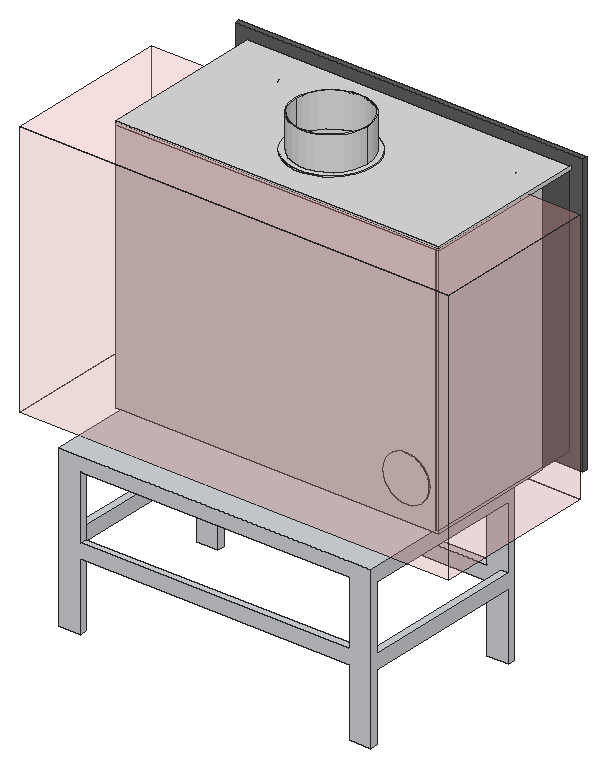
Revit family "FOGO MONTANHA-DESIGN-E909-GLASS DOOR-R19-V00", category Mechanical Equipment, host Wall, Revit 2019
Family settings
  Host = Wall
  Round Connector Dimension = Use Diameter
  Part Type = Normal
  OmniClass Number = 23.19.17.00
  Always vertical = Yes
  Cut with Voids When Loaded = No
  Shared = No
  Room Calculation Point = No
Parameters (values of type "Glass Door-4 sided Black Steel Frame 45mm")
  r_SmallDuct_Top = Diameter / 2  # 50 mm
  r_CentralDuct_Top = F / 2  # 100 mm
  r_Duct_back = 65 mm
  V = 275
  Support Table [instance] = yes
  Pu = 8.5
  Power = 10.6 kW
  Pn = 12.1
  P = 137
  Glass = Fogo Montanha-Glass
  Frame Type = FOGO MONTANHA-DESIGN-4L FRAME : E909-45mm-Black Steel
  Electrical Power = 32 W
  Electric tension = 230 V
  Efficiency at nominal power = "77%"
  Door_Glass_Offset = 70 mm
  Diameter = 100 mm
  Dark Glass = Fogo Montanha-Dark Glass
  URL = "https://welcome.fogo-montanha.com/pesquisar/PA2019P023"
  Door_Position = 5 mm  # constant formula
  Door = Fogo Montanha-Dark Glass
  Offset_Door-Frame = 26.7 mm
  Model = "Design-E909"  # constant formula
  Manufacturer URL = "www.fogo-montanha.com"
  Manufacturer = "Fogo Montanha"  # constant formula
  Height from Level [instance] = 450 mm
  Version = "v00"  # constant formula
  Uniformat II Description = "Heat Generating Systems"  # constant formula
  Uniformat II Code = "D3020"  # constant formula
  Uniclass 2015 Name = "Space heaters"  # constant formula
  Uniclass 2015 Code = "TE_70_10_20_80"  # constant formula
  Uniclass 2.0 Description = "Space Heating And Cooling Products"  # constant formula
  Uniclass 2.0 Code = "PR-70-60-36-74"  # constant formula
  Uniclass 1.4 Description = "Fireplaces"  # constant formula
  Uniclass 1.4 Code = "L828"  # constant formula
  UNSPSC Description = "Space Heaters"  # constant formula
  UNSPSC Code = "40101819"  # constant formula
  Reference = "PA2019P023"
  Publication date = "08/2022"  # constant formula
  Number of Poles = 1
  NBS Reference Description = "Room Heaters"  # constant formula
  NBS Reference Code = "60-36-74"  # constant formula
  Masterformat 2014 Description = "Fireplaces and Stoves"  # constant formula
  Masterformat 2014 Code = "10 30 00"  # constant formula
  K = B + 13 mm  # 719 mm
  J = A + 17 mm  # 907 mm
  IfcExportType = "IfcSpaceHeaterType"  # constant formula
  IfcExportAs = "IfcSpaceHeater"  # constant formula
  G = 275 mm
  F = 200 mm
  Offset_Duct_Back = 90 mm
  Clearance Zone Visible [instance] = yes
  Clearance Zone = 150 mm
  Cl = 3.7
  CO2 = 7.7
  CO 13% O2 = 0.077
  Aux_Duct_Top = 120 mm
  Det_Door = -1 mm
  Description = "Inseríveis a lenha com ventilação tangencial incluída de série, disponíveis em preto, cinza ou porta em vidro. Incluem porta com sistema de fecho automático, ar externo canalizável através de um kit opcional, dupla combustão e câmara estanque. Possibilidade de regulação da ventilação através de um controlador GLA que, com a inclusão de um Damper, permitirá também o controlo do ar de combustão. Kit wi-fi opcional para gestão do controlador GLA à distância através de smartphone."  # constant formula
  D = 465 mm
  Body = Fogo Montanha-Steel Galvanized
  Base_Offset [instance] = if(and(Height from Level < 300 mm, Support Table), 300 mm, if(and(Height from Level > 545 mm, Support Table), 545 mm, Height from Level))  # 450 mm
  E = B  # 706 mm
  C = A  # 890 mm
  BIM Modeler URL = "www.stratbim.com"
  BIM Modeler = "StratBIM"
  B = 706 mm
  Assembly Code = "D3020"
  A = 890 mm
Types (6, lengths in mm): name | Frame Type | Offset_Door-Frame
  Glass Door-4 sided Black Steel Frame 45mm | FOGO MONTANHA-DESIGN-4L FRAME : E909-45mm-Black Steel | 26.7
  Glass Door-4 sided Black Steel Frame 20mm | FOGO MONTANHA-DESIGN-4L FRAME : E909-20mm-Black Steel | 26.7
  Glass Door-3 sided Black Steel Frame 45mm | FOGO MONTANHA-DESIGN-3L FRAME : E909-45mm-Black Steel | 26.7
  Glass Door-3 sided Black Steel Frame 20mm | FOGO MONTANHA-DESIGN-3L FRAME : E909-20mm-Black Steel | 26.7
  Glass Door-4 sided Glass Frame 50mm | FOGO MONTANHA-DESIGN-4L FRAME : E909-50mm-Glass | 45
  Glass Door-3 sided Glass Frame 50mm | FOGO MONTANHA-DESIGN-3L FRAME : E909-50mm-Glass | 26.7
Reference planes
  plane 1 "Wall": y = 0
  plane 2 "Center (Left/Right)": x = 0
  plane 3 "Front": y = 75
  plane 4 "2": x = 445
  plane 5 "3": x = -445
  plane 6 "4": x = -445
  plane 7 "5": x = 445
  plane 8 "6": x = -453.5
  plane 9 "7": x = 453.5
  plane 10 "K'": z = 1169
  plane 11 "K": z = 450
  plane 12: y = -200
  plane 13: y = -390
  plane 14 "8": x = -50
  plane 15 "9": x = 50
  plane 16 "10": x = 363.5
  plane 17: z = 809.5
  plane 18 "B'": z = 1162.5
  plane 19 "B": z = 456.5
  plane 20 "E'": z = 1162.5
  plane 21 "E": z = 456.5
  plane 22 "L": z = 558.7
  plane 23: y = -46
  plane 24 "M": x = -333.5
  plane 25 "M'": x = 333.5
  plane 26: z = 462
  plane 27 "S": x = -448.5
  plane 28 "T": x = 448.5
  plane 29 "U": x = 421.8
  plane 30 "V": x = -421.8
  plane 31: z = 1135.8
  plane 32: z = 488.7
  plane 33: z = 558.7
  plane 34: z = 1065.8
  plane 35 "W": x = 351.8
  plane 36 "X": x = -351.8
  plane 37: y = -340
  plane 38 "Y": x = 100
  plane 39 "AA": x = -100
  plane 40: y = 87
  plane 41 "BB": z = 1269
  plane 42 "Origin": z = 0
  plane 43: y = -25
Forms (mm)
  Extrusion 1, solid, material "Fogo Montanha-Steel Galvanized" <- "Body", detail levels coarse
    sketch origin (0, 75, 0) x (1, 0, 0) y (0, 0, 1)
      loop
        line (453.5, 450) -> (453.5, 1162.5) -> (-453.5, 1162.5) -> (-453.5, 450) -> (453.5, 450)
    from 0 to 465
  Extrusion 2, solid, material "Fogo Montanha-Steel Galvanized" <- "Body", detail levels medium+fine
    sketch origin (-453.5, 0, 0) x (0, 1, 0) y (0, 0, 1)
      loop
        line (-25, 456.5) -> (-25, 1162.5) -> (-200, 1162.5) -> (-390, 1162.5) -> (-390, 456.5) -> (-25, 456.5)
    from 0 to 8.5
  Extrusion 3, solid, material "Fogo Montanha-Steel Galvanized" <- "Body", detail levels medium+fine
    sketch origin (453.5, 30, 0) x (0, 1, 0) y (0, 0, -1)
      loop
        line (-55, -456.5) -> (-420, -456.5) -> (-420, -1162.5) -> (-230, -1162.5) -> (-55, -1162.5) -> (-55, -456.5)
    from 0 to 8.5
  Extrusion 4, solid, material "Fogo Montanha-Steel Galvanized" <- "Body", detail levels medium+fine
    sketch origin (1420, -390, 1200) x (1, 0, 0) y (0, 0, 1)
      loop
        line (-975, -743.5) -> (-975, -37.5) -> (-1865, -37.5) -> (-1865, -743.5) -> (-975, -743.5)
    from 0 to -8
  Extrusion 5, solid, material "Fogo Montanha-Steel Galvanized" <- "Body", detail levels medium+fine
    sketch origin (2348.699, 225, 1162.5) x (1, 0, 0) y (0, 1, 0)
      loop
        line (-2802.199, -150) -> (-2802.199, -615) -> (-1895.199, -615) -> (-1895.199, -150) -> (-2802.199, -150)
      loop
        circle (-2348.699, -425) r 100
    from 10 to 0
  Extrusion 6, solid, material "Fogo Montanha-Steel Galvanized" <- "Body", detail levels medium+fine
    sketch origin (2348.699, 225, 456.5) x (1, 0, 0) y (0, 1, 0)
      loop
        line (-2802.199, -250) -> (-2802.199, -615) -> (-1895.199, -615) -> (-1895.199, -250) -> (-2802.199, -250)
    from -6.5 to 0
  Extrusion 7, solid, material "Fogo Montanha-Steel Galvanized" <- "Body", detail levels medium+fine
    sketch origin (1420, -390, 1200) x (1, 0, 0) y (0, 0, 1)
      loop
        circle (-1056.5, -641.3) r 65
    from 0 to 1
  Sweep 8, solid, material "Fogo Montanha-Steel Galvanized" <- "Body"
    path in 3D
      loop
        arc (-100, -200, 1169) -> (0, -300, 1169) -> (100, -200, 1169) r 100
        arc (100, -200, 1169) -> (0, -100, 1169) -> (-100, -200, 1169) r 100
    profile origin (0, -100, 1169) x (0, -1, 0) y (0, 0, 1)
      loop
        line (0, 3.5) -> (0, 100) -> (-2, 100) -> (-2, 6.467) -> (-17, 6.467) -> (-17, 3.5) -> (0, 3.5)
  Extrusion 9, solid, material "Fogo Montanha-Dark Glass" <- "Dark Glass", detail levels medium+fine
    sketch origin (0, 75, 0) x (1, 0, 0) y (0, 0, 1)
      loop
        line (421.8, 488.7) -> (421.8, 1135.8) -> (-421.8, 1135.8) -> (-421.8, 488.7) -> (421.8, 488.7)
      loop
        line (351.8, 558.7) -> (351.8, 1065.8) -> (-351.8, 1065.8) -> (-351.8, 558.7) -> (351.8, 558.7)
    from 0 to -2
  Extrusion 10, solid, material "Fogo Montanha-Vermiculite", detail levels medium+fine
    sketch origin (-421.8, 0, 0) x (0, 1, 0) y (0, 0, 1)
      loop
        line (-25, 488.7) -> (-25, 1065.8) -> (-200, 1065.8) -> (-340, 809.5) -> (-340, 488.7) -> (-25, 488.7)
    from 0 to 8.5
  Extrusion 11, solid, material "Fogo Montanha-Vermiculite", detail levels medium+fine
    sketch origin (421.8, 0, 0) x (0, 1, 0) y (0, 0, 1)
      loop
        line (-25, 488.7) -> (-25, 1065.8) -> (-200, 1065.8) -> (-340, 809.5) -> (-340, 488.7) -> (-25, 488.7)
    from 0 to -8.5
  Extrusion 12, solid, material "Fogo Montanha-Vermiculite", detail levels medium+fine
    sketch origin (1420, -340, 1200) x (1, 0, 0) y (0, 0, 1)
      loop
        line (-1006.7, -711.3) -> (-1006.7, -390.5) -> (-1833.3, -390.5) -> (-1833.3, -711.3) -> (-1006.7, -711.3)
    from 0 to -8.5
  Extrusion 13, solid, material "Fogo Montanha-Vermiculite", detail levels medium+fine
    sketch origin (0, 0, 0) x (0, 1, 0) y (0, 0, 1)
      loop
        line (-200, 1065.8) -> (-340, 809.5) -> (-329.009, 809.5) -> (-200, 1052.392) -> (-200, 1065.8)
    from -421.8 to 421.8
  Extrusion 14, solid, material "Fogo Montanha-Vermiculite", detail levels medium+fine
    sketch origin (2348.699, 225, 488.7) x (1, 0, 0) y (0, 1, 0)
      loop
        line (-2770.499, -250) -> (-2770.499, -565) -> (-1926.899, -565) -> (-1926.899, -250) -> (-2770.499, -250)
      loop
        line (-2248.699, -271) -> (-2448.699, -271) -> (-2448.699, -425) -> (-2248.699, -425) -> (-2248.699, -271)
    from 0 to 10
  Extrusion 15, solid, material "Fogo Montanha-Steel Galvanized", detail levels medium+fine
    sketch origin (2348.699, 225, 488.7) x (1, 0, 0) y (0, 1, 0)
      loop
        line (-2248.699, -271) -> (-2448.699, -271) -> (-2448.699, -425) -> (-2248.699, -425) -> (-2248.699, -271)
      loop
        line (-2435.699, -300) -> (-2361.699, -300)
        arc (-2361.699, -300) -> (-2359.578, -299.121) -> (-2358.699, -297) r 3
        line (-2358.699, -297) -> (-2358.699, -284)
        arc (-2358.699, -284) -> (-2359.578, -281.879) -> (-2361.699, -281) r 3
        line (-2361.699, -281) -> (-2435.699, -281)
        arc (-2435.699, -281) -> (-2437.82, -281.879) -> (-2438.699, -284) r 3
        line (-2438.699, -284) -> (-2438.699, -297)
        arc (-2438.699, -297) -> (-2437.82, -299.121) -> (-2435.699, -300) r 3
      loop
        arc (-2261.699, -300) -> (-2259.578, -299.121) -> (-2258.699, -297) r 3
        line (-2258.699, -297) -> (-2258.699, -284)
        arc (-2258.699, -284) -> (-2259.578, -281.879) -> (-2261.699, -281) r 3
        line (-2261.699, -281) -> (-2335.699, -281)
        arc (-2335.699, -281) -> (-2337.82, -281.879) -> (-2338.699, -284) r 3
        line (-2338.699, -284) -> (-2338.699, -297)
        arc (-2338.699, -297) -> (-2337.82, -299.121) -> (-2335.699, -300) r 3
        line (-2335.699, -300) -> (-2261.699, -300)
      loop
        line (-2435.699, -329) -> (-2361.699, -329)
        arc (-2361.699, -329) -> (-2359.578, -328.121) -> (-2358.699, -326) r 3
        line (-2358.699, -326) -> (-2358.699, -313)
        arc (-2358.699, -313) -> (-2359.578, -310.879) -> (-2361.699, -310) r 3
        line (-2361.699, -310) -> (-2435.699, -310)
        arc (-2435.699, -310) -> (-2437.82, -310.879) -> (-2438.699, -313) r 3
        line (-2438.699, -313) -> (-2438.699, -326)
        arc (-2438.699, -326) -> (-2437.82, -328.121) -> (-2435.699, -329) r 3
      loop
        arc (-2261.699, -329) -> (-2259.578, -328.121) -> (-2258.699, -326) r 3
        line (-2258.699, -326) -> (-2258.699, -313)
        arc (-2258.699, -313) -> (-2259.578, -310.879) -> (-2261.699, -310) r 3
        line (-2261.699, -310) -> (-2335.699, -310)
        arc (-2335.699, -310) -> (-2337.82, -310.879) -> (-2338.699, -313) r 3
        line (-2338.699, -313) -> (-2338.699, -326)
        arc (-2338.699, -326) -> (-2337.82, -328.121) -> (-2335.699, -329) r 3
        line (-2335.699, -329) -> (-2261.699, -329)
      loop
        line (-2435.699, -358) -> (-2361.699, -358)
        arc (-2361.699, -358) -> (-2359.578, -357.121) -> (-2358.699, -355) r 3
        line (-2358.699, -355) -> (-2358.699, -342)
        arc (-2358.699, -342) -> (-2359.578, -339.879) -> (-2361.699, -339) r 3
        line (-2361.699, -339) -> (-2435.699, -339)
        arc (-2435.699, -339) -> (-2437.82, -339.879) -> (-2438.699, -342) r 3
        line (-2438.699, -342) -> (-2438.699, -355)
        arc (-2438.699, -355) -> (-2437.82, -357.121) -> (-2435.699, -358) r 3
      loop
        arc (-2261.699, -358) -> (-2259.578, -357.121) -> (-2258.699, -355) r 3
        line (-2258.699, -355) -> (-2258.699, -342)
        arc (-2258.699, -342) -> (-2259.578, -339.879) -> (-2261.699, -339) r 3
        line (-2261.699, -339) -> (-2335.699, -339)
        arc (-2335.699, -339) -> (-2337.82, -339.879) -> (-2338.699, -342) r 3
        line (-2338.699, -342) -> (-2338.699, -355)
        arc (-2338.699, -355) -> (-2337.82, -357.121) -> (-2335.699, -358) r 3
        line (-2335.699, -358) -> (-2261.699, -358)
      loop
        line (-2435.699, -387) -> (-2361.699, -387)
        arc (-2361.699, -387) -> (-2359.578, -386.121) -> (-2358.699, -384) r 3
        line (-2358.699, -384) -> (-2358.699, -371)
        arc (-2358.699, -371) -> (-2359.578, -368.879) -> (-2361.699, -368) r 3
        line (-2361.699, -368) -> (-2435.699, -368)
        arc (-2435.699, -368) -> (-2437.82, -368.879) -> (-2438.699, -371) r 3
        line (-2438.699, -371) -> (-2438.699, -384)
        arc (-2438.699, -384) -> (-2437.82, -386.121) -> (-2435.699, -387) r 3
      loop
        arc (-2261.699, -387) -> (-2259.578, -386.121) -> (-2258.699, -384) r 3
        line (-2258.699, -384) -> (-2258.699, -371)
        arc (-2258.699, -371) -> (-2259.578, -368.879) -> (-2261.699, -368) r 3
        line (-2261.699, -368) -> (-2335.699, -368)
        arc (-2335.699, -368) -> (-2337.82, -368.879) -> (-2338.699, -371) r 3
        line (-2338.699, -371) -> (-2338.699, -384)
        arc (-2338.699, -384) -> (-2337.82, -386.121) -> (-2335.699, -387) r 3
        line (-2335.699, -387) -> (-2261.699, -387)
      loop
        line (-2435.699, -416) -> (-2361.699, -416)
        arc (-2361.699, -416) -> (-2359.578, -415.121) -> (-2358.699, -413) r 3
        line (-2358.699, -413) -> (-2358.699, -400)
        arc (-2358.699, -400) -> (-2359.578, -397.879) -> (-2361.699, -397) r 3
        line (-2361.699, -397) -> (-2435.699, -397)
        arc (-2435.699, -397) -> (-2437.82, -397.879) -> (-2438.699, -400) r 3
        line (-2438.699, -400) -> (-2438.699, -413)
        arc (-2438.699, -413) -> (-2437.82, -415.121) -> (-2435.699, -416) r 3
      loop
        arc (-2261.699, -416) -> (-2259.578, -415.121) -> (-2258.699, -413) r 3
        line (-2258.699, -413) -> (-2258.699, -400)
        arc (-2258.699, -400) -> (-2259.578, -397.879) -> (-2261.699, -397) r 3
        line (-2261.699, -397) -> (-2335.699, -397)
        arc (-2335.699, -397) -> (-2337.82, -397.879) -> (-2338.699, -400) r 3
        line (-2338.699, -400) -> (-2338.699, -413)
        arc (-2338.699, -413) -> (-2337.82, -415.121) -> (-2335.699, -416) r 3
        line (-2335.699, -416) -> (-2261.699, -416)
    from 0 to 10
  Extrusion 16, solid, material "Fogo Montanha-Black Steel", detail levels medium+fine
    sketch origin (0, 75, 0) x (1, 0, 0) y (0, 0, 1)
      loop
        line (421.8, 488.7) -> (421.8, 1135.8) -> (-421.8, 1135.8) -> (-421.8, 488.7) -> (-419.8, 488.7) -> (-419.8, 1133.8) -> (419.8, 1133.8) -> (419.8, 488.7) -> (421.8, 488.7)
    from 0 to 100
  Extrusion 17, solid, visible <- "Clearance Zone Visible"
    sketch origin (2348.699, 225, 1162.5) x (1, 0, 0) y (0, 1, 0)
      loop
        line (-2952.199, -300) -> (-2952.199, -765) -> (-1745.199, -765) -> (-1745.199, -300) -> (-1895.199, -300) -> (-1895.199, -615) -> (-2802.199, -615) -> (-2802.199, -300) -> (-2952.199, -300)
    from -712.5 to 6.5
  Extrusion 18, solid
    sketch origin (2348.699, 225, 1169) x (1, 0, 0) y (0, 1, 0)
      loop
        circle (-2015.199, -271) r 50
    from 0 to 1
  Extrusion 19, solid
    sketch origin (2348.699, 225, 1169) x (1, 0, 0) y (0, 1, 0)
      loop
        circle (-2682.199, -271) r 50
    from 0 to 1
  Extrusion 20, solid, material "Fogo Montanha-Black Steel", detail levels medium+fine
    sketch origin (1420, -25, 1200) x (1, 0, 0) y (0, 0, 1)
      loop
        line (-998.2, -711.3) -> (-998.2, -64.2) -> (-1841.8, -64.2) -> (-1841.8, -711.3) -> (-998.2, -711.3)
      loop
        line (-975, -750) -> (-975, -37.5) -> (-1865, -37.5) -> (-1865, -750) -> (-975, -750)
    from 0 to -10
  Extrusion 21, solid, material "Fogo Montanha-Black Steel", detail levels medium+fine
    sketch origin (0, 75, 0) x (1, 0, 0) y (0, 0, 1)
      loop
        line (421.8, 486.7) -> (421.8, 1135.8) -> (-421.8, 1135.8) -> (-421.8, 486.7) -> (421.8, 486.7)
      loop
        line (419.8, 488.7) -> (419.8, 1133.8) -> (-419.8, 1133.8) -> (-419.8, 488.7) -> (419.8, 488.7)
    from 0 to 100
  Extrusion 22, solid, material "Fogo Montanha-Black Steel", detail levels medium+fine
    sketch origin (0, 75, 0) x (1, 0, 0) y (0, 0, 1)
      loop
        line (447, 450) -> (447, 1162.5) -> (-447, 1162.5) -> (-447, 450) -> (447, 450)
      loop
        line (445, 452) -> (445, 1160.5) -> (-445, 1160.5) -> (-445, 452) -> (445, 452)
    from 0 to 100
  Extrusion 23, solid, material "Fogo Montanha-Dark Glass", detail levels medium+fine
    sketch origin (0, 75, 0) x (1, 0, 0) y (0, 0, 1)
      loop
        line (421.8, 488.7) -> (421.8, 1135.8) -> (-421.8, 1135.8) -> (-421.8, 488.7) -> (421.8, 488.7)
      loop
        line (-351.8, 558.7) -> (351.8, 558.7) -> (351.8, 1065.8) -> (-351.8, 1065.8) -> (-351.8, 558.7)
    from 0 to 2
  Extrusion 24, solid, material "Fogo Montanha-Glass" <- "Glass", detail levels medium+fine
    sketch origin (0, 75, 0) x (1, 0, 0) y (0, 0, 1)
      loop
        line (351.8, 558.7) -> (351.8, 1065.8) -> (-351.8, 1065.8) -> (-351.8, 558.7) -> (351.8, 558.7)
    from 0 to 2
  Extrusion 25, solid, material "Fogo Montanha-Steel", detail levels medium+fine
    sketch origin (0, 0, 0) x (0, 1, 0) y (0, 0, 1)
      loop
        line (-46, 1094.8) -> (-46, 1102.8) -> (-250, 1102.8) -> (-250, 1077.347) -> (-200, 1077.347) -> (-180, 1065.8) -> (-75, 1065.8) -> (-46, 1094.8)
    from -150 to 150
  Extrusion 26, solid, material "Fogo Montanha-Black Steel", detail levels medium+fine
    sketch origin (0, 0, 103.5) x (1, 0, 0) y (0, 0, 1)
      loop
        line (421.8, 385.2) -> (421.8, 1032.3) -> (-421.8, 1032.3) -> (-421.8, 385.2) -> (421.8, 385.2)
      loop
        line (-351.8, 455.2) -> (351.8, 455.2) -> (351.8, 962.3) -> (-351.8, 962.3) -> (-351.8, 455.2)
    from -20 to -22
  Extrusion 27, solid, material "Fogo Montanha-Black Steel", detail levels medium+fine
    sketch origin (0, 75, 107.7) x (1, 0, 0) y (0, 0, 1)
      loop
        line (421.8, 451) -> (-421.8, 451) -> (-421.8, 449) -> (421.8, 449) -> (421.8, 451)
    from 2 to 53
Cuts and joins
  joined: Extrusion 10, Extrusion 11, Extrusion 12, Extrusion 13, Extrusion 14
  joined: Extrusion 21, Extrusion 27
  joined: Extrusion 16, Extrusion 26
  joined: Extrusion 2, Extrusion 4, Extrusion 6
Lines and regions (mm)
  Opening 1
    outline origin (-5000, -75, 0) x (1, 0, 0) y (0, 0, 1)
      loop
        line (4546.5, 450) -> (5453.5, 450) -> (5453.5, 1169) -> (4546.5, 1169) -> (4546.5, 450)
  reference lines
    curve 1: circle (0, -200, 1169) r 100 normal (0, 0, 1)
    curve 2: circle (363.5, 75, 558.7) r 65 normal (0, -1, 0)
    curve 4: circle (-333.5, -46, 1162.5) r 50 normal (0, 0, 1)
    curve 5: circle (333.5, -46, 1162.5) r 50 normal (0, 0, 1)
  sketch lines
    curve 3: circle (0, -200, 1169) r 100 normal (0, 0, 1)
Text (mm)
  text "Placement side" at (-1304.494, 278.82, 0), in view "Ref. Level"
  text "Placement side" at (0, 1334.055, 2976.191), in view "Left"
  text "Placement side" at (0, 439.194, 2944.362), in view "Right"
Dimensions and locks
  locked: plane 3 "Front" to host wall at 0
  "C": plane 4 "2" to plane 5 "3"
  equal spacing: plane 4 "2", plane 2 "Center (Left/Right)", plane 5 "3"
  equal spacing: plane 7 "5", plane 2 "Center (Left/Right)", plane 6 "4"
  "A": plane 7 "5" to plane 6 "4"
  equal spacing: plane 9 "7", plane 2 "Center (Left/Right)", plane 8 "6"
  "J": plane 8 "6" to plane 9 "7"
  "K": plane 11 "K" to plane 10 "K'"
  "Base_Offset": level to plane 11 "K"
  equal spacing: plane 14 "8", plane 2 "Center (Left/Right)", plane 15 "9"
  plane 14 "8" to plane 15 "9" = 100 mm
  equal spacing: plane 11 "K", plane 17, plane 10 "K'"
  equal spacing: plane 19 "B", plane 17, plane 18 "B'"
  "B": plane 19 "B" to plane 18 "B'"
  equal spacing: plane 21 "E", plane 17, plane 20 "E'"
  "E": plane 21 "E" to plane 20 "E'"
  "Offset_Duct_Back": plane 9 "7" to plane 16 "10"
  locked: plane 11 "K" to plane 22 "L" at 108.7
  "Aux_Duct_Top": plane 8 "6" to plane 24 "M"
  "Aux_Duct_Top": plane 25 "M'" to plane 9 "7"
  "Offset_Door-Frame": plane 26 to plane 32
  "Offset_Door-Frame": plane 28 "T" to plane 29 "U"
  "Offset_Door-Frame": plane 30 "V" to plane 27 "S"
  "Door_Glass_Offset": plane 32 to plane 33
  "Door_Glass_Offset": plane 34 to plane 31
  "Door_Glass_Offset": plane 29 "U" to plane 35 "W"
  "Door_Glass_Offset": plane 36 "X" to plane 30 "V"
  locked: plane 13 to plane 37 at 50
  locked: plane 3 "Front" to plane 40 at 12
  Extrusion 15 sketch curve to Extrusion 15 sketch curve to Extrusion 15 sketch curve to Extrusion 15 sketch curve to Extrusion 15 sketch curve to Extrusion 15 sketch curve = 10 mm locked, 80 mm locked, 20 mm locked, 80 mm locked, 10 mm locked
  Extrusion 15 sketch curve to Extrusion 15 sketch curve to Extrusion 15 sketch curve to Extrusion 15 sketch curve to Extrusion 15 sketch curve to Extrusion 15 sketch curve to Extrusion 15 sketch curve to Extrusion 15 sketch curve to Extrusion 15 sketch curve to Extrusion 15 sketch curve to Extrusion 15 sketch curve to Extrusion 15 sketch curve = 10 mm locked, 19 mm locked, 10 mm locked, 19 mm locked, 10 mm locked, 19 mm locked, 10 mm locked, 19 mm locked, 10 mm locked, 19 mm locked, 9 mm locked
  "Door_Position": plane 9 "7" to plane 28 "T"
  "Door_Position": plane 27 "S" to plane 8 "6"
  locked: plane 43 to plane 3 "Front" at 100
  "Clearance Zone": Extrusion 17 sketch curve to Extrusion 17 sketch curve  (x3)
  locked: Extrusion 9 to Extrusion 16 at 2
  locked: Extrusion 16 to Extrusion 9 at 2  (x2)
  locked: Extrusion 21 sketch curve to Extrusion 9 at 2
  "Offset_Door-Frame": plane 31 to plane 20 "E'"
  locked: plane 10 "K'" to plane 41 "BB" at 100
  Extrusion 27 sketch curve to plane 33 = 2 mm
  plane 11 "K" to Extrusion 22 sketch curve = 2 mm
  locked: Extrusion 22 sketch curve to plane 20 "E'" at 2
  locked: Extrusion 22 sketch curve to plane 7 "5" at 2
  locked: plane 6 "4" to Extrusion 22 sketch curve at 2
  plane 11 "K" to plane 21 "E" = 6.5 mm
  locked: plane 11 "K" to plane 26 at 12
  locked: plane 23 to plane 43 at 21
  locked: plane 12 to plane 23 at 154
  locked: plane 37 to plane 12 at 140
  locked: plane 43 to plane 1 "Wall" at 25
  cut or joined group of Extrusion 16, Extrusion 26 to cut or joined group of Extrusion 16, Extrusion 26 to plane 40 = 2 mm locked, 65 mm locked
  "r_CentralDuct_Top": radius of curve 1
  "r_Duct_back": radius of curve 2
  "r_SmallDuct_Top": radius of curve 5
  "r_SmallDuct_Top": radius of curve 4
  aligned and locked: plane 8 "6" to Opening 1 sketch curve
  aligned and locked: Opening 1 sketch curve to plane 9 "7"
  aligned and locked: plane 10 "K'" to Opening 1 sketch curve
  aligned and locked: plane 11 "K" to Opening 1 sketch curve
  aligned and locked: plane 8 "6" to Extrusion 1 sketch curve
  aligned and locked: Extrusion 1 sketch curve to plane 9 "7"
  aligned and locked: plane 18 "B'" to Extrusion 1 sketch curve
  aligned and locked: plane 13 to Extrusion 1
  aligned and locked: plane 19 "B" to Extrusion 2 sketch curve
  aligned and locked: plane 18 "B'" to Extrusion 2 sketch curve
  aligned and locked: plane 13 to Extrusion 2 sketch curve
  aligned and locked: Extrusion 3 sketch curve to plane 18 "B'"
  aligned and locked: Extrusion 3 sketch curve to plane 13
  aligned and locked: Extrusion 3 sketch curve to plane 19 "B"
  aligned and locked: plane 4 "2" to Extrusion 4 sketch curve
  aligned and locked: plane 5 "3" to Extrusion 4 sketch curve
  aligned and locked: plane 21 "E" to Extrusion 4 sketch curve
  aligned and locked: plane 20 "E'" to Extrusion 4 sketch curve
  aligned and locked: plane 5 "3" to Extrusion 2
  aligned and locked: Extrusion 3 to plane 4 "2"
  aligned and locked: Extrusion 5 sketch curve to plane 8 "6"
  aligned and locked: plane 9 "7" to Extrusion 5 sketch curve
  aligned and locked: Extrusion 5 sketch curve to plane 13
  aligned and locked: Extrusion 5 sketch curve to curve 1
  aligned and locked: plane 9 "7" to Extrusion 6 sketch curve
  aligned and locked: Extrusion 6 sketch curve to plane 8 "6"
  aligned and locked: Extrusion 6 sketch curve to plane 13
  aligned and locked: Extrusion 7 sketch curve to curve 2
  aligned and locked: plane 24 "M" to curve 4
  aligned and locked: plane 23 to curve 4
  aligned and locked: plane 23 to curve 5
  aligned and locked: plane 25 "M'" to curve 5
  aligned and locked: plane 32 to Extrusion 9 sketch curve
  aligned and locked: Extrusion 9 sketch curve to plane 29 "U"
  aligned and locked: Extrusion 9 sketch curve to plane 31
  aligned and locked: plane 30 "V" to Extrusion 9 sketch curve
  aligned and locked: Extrusion 10 to plane 32
  aligned and locked: plane 34 to Extrusion 10 sketch curve
  aligned and locked: plane 12 to Extrusion 10 sketch curve
  aligned and locked: Extrusion 12 to Extrusion 10
  aligned and locked: Extrusion 12 to Extrusion 11
  aligned and locked: Extrusion 11 sketch curve to Extrusion 12
  aligned and locked: Extrusion 10 sketch curve to plane 37
  aligned and locked: plane 17 to Extrusion 12
  aligned and locked: plane 17 to Extrusion 10 sketch curve
  aligned and locked: plane 17 to Extrusion 11 sketch curve
  aligned and locked: Extrusion 13 sketch curve to Extrusion 10
  aligned and locked: plane 17 to Extrusion 13 sketch curve
  aligned and locked: plane 12 to Extrusion 13 sketch curve
  aligned and locked: plane 29 "U" to Extrusion 13
  aligned and locked: Extrusion 13 to plane 30 "V"
  aligned and locked: Extrusion 10 to Extrusion 12
  aligned and locked: Extrusion 14 sketch curve to plane 30 "V"
  aligned and locked: Extrusion 14 sketch curve to plane 37
  aligned and locked: Extrusion 14 sketch curve to plane 29 "U"
  aligned and locked: plane 12 to Extrusion 14 sketch curve
  aligned and locked: Extrusion 14 sketch curve to plane 23
  aligned and locked: Extrusion 14 sketch curve to plane 39 "AA"
  aligned and locked: plane 38 "Y" to Extrusion 14 sketch curve
  aligned and locked: Extrusion 15 sketch curve to plane 38 "Y"
  aligned and locked: Extrusion 15 sketch curve to plane 23
  aligned and locked: Extrusion 15 to plane 32
  aligned and locked: Extrusion 14 to Extrusion 15
  aligned and locked: Extrusion 15 sketch curve to Extrusion 15 sketch curve  (x26)
  aligned and locked: nested 1 to plane 2 "Center (Left/Right)"
  aligned and locked: plane 41 "BB" to Sweep 8 sketch curve
  aligned and locked: Extrusion 5 to Sweep 8 sketch curve
  aligned and locked: level to plane 42 "Origin"
  aligned and locked: Extrusion 10 sketch curve to plane 43
  aligned and locked: plane 43 to Extrusion 3 sketch curve
  aligned and locked: Extrusion 2 sketch curve to plane 43
  aligned and locked: plane 29 "U" to Extrusion 16 sketch curve
  aligned and locked: plane 31 to Extrusion 16 sketch curve
  aligned and locked: plane 30 "V" to Extrusion 16 sketch curve
  aligned and locked: Extrusion 16 sketch curve to plane 32
  aligned and locked: plane 32 to Extrusion 16 sketch curve
  aligned and locked: plane 43 to Extrusion 16
  aligned and locked: Extrusion 14 sketch curve to plane 43
  aligned and locked: Extrusion 17 sketch curve to host wall
  aligned and locked: host wall to Extrusion 17 sketch curve
  aligned and locked: Extrusion 17 to host wall  (x2)
  aligned and locked: Extrusion 18 sketch curve to curve 5
  aligned and locked: Extrusion 19 sketch curve to curve 4
  aligned and locked: Extrusion 6 to plane 11 "K"
  aligned and locked: nested 1 to plane 17
  aligned and locked: Extrusion 22 sketch curve to plane 7 "5"
  aligned and locked: Extrusion 22 sketch curve to plane 20 "E'"
  aligned and locked: plane 6 "4" to Extrusion 22 sketch curve
  aligned and locked: plane 31 to Extrusion 23 sketch curve
  aligned and locked: Extrusion 23 sketch curve to plane 30 "V"
  aligned and locked: plane 29 "U" to Extrusion 23 sketch curve
  aligned and locked: Extrusion 23 sketch curve to plane 32
  aligned and locked: Extrusion 6 to Extrusion 2
  aligned and locked: plane 35 "W" to Extrusion 9 sketch curve
  aligned and locked: plane 34 to Extrusion 9 sketch curve
  aligned and locked: plane 36 "X" to Extrusion 9 sketch curve
  aligned and locked: plane 33 to Extrusion 9 sketch curve
  aligned and locked: plane 35 "W" to Extrusion 24 sketch curve
  aligned and locked: plane 34 to Extrusion 24 sketch curve
  aligned and locked: plane 33 to Extrusion 24 sketch curve
  aligned and locked: plane 36 "X" to Extrusion 24 sketch curve
  aligned and locked: Extrusion 11 sketch curve to plane 43
  aligned and locked: plane 23 to Extrusion 25 sketch curve
  aligned and locked: Extrusion 27 to Extrusion 26
  aligned and locked: Extrusion 27 sketch curve to plane 33
  aligned and locked: plane 29 "U" to Extrusion 26 sketch curve
  aligned and locked: Extrusion 26 sketch curve to plane 30 "V"
  aligned and locked: plane 29 "U" to Extrusion 27
  aligned and locked: Extrusion 27 to plane 30 "V"
  aligned and locked: Extrusion 26 sketch curve to plane 34
  aligned and locked: plane 31 to Extrusion 26 sketch curve
  aligned and locked: plane 9 "7" to Extrusion 17 sketch curve
  aligned and locked: Extrusion 17 sketch curve to plane 8 "6"
  aligned and locked: plane 13 to Extrusion 17 sketch curve
  aligned and locked: Extrusion 20 sketch curve to plane 20 "E'"
  aligned and locked: Extrusion 20 sketch curve to plane 31
  aligned and locked: Extrusion 20 sketch curve to plane 32
  aligned and locked: Extrusion 20 sketch curve to plane 7 "5"
  aligned and locked: Extrusion 20 sketch curve to plane 29 "U"
  aligned and locked: Extrusion 20 sketch curve to plane 6 "4"
  aligned and locked: Extrusion 20 sketch curve to plane 30 "V"
  aligned and locked: plane 33 to Extrusion 26 sketch curve
  aligned and locked: Extrusion 26 sketch curve to plane 32
  aligned and locked: Extrusion 1 sketch curve to plane 11 "K"
  aligned and locked: Extrusion 22 sketch curve to plane 11 "K"
  aligned and locked: Extrusion 20 sketch curve to plane 11 "K"
  aligned and locked: nested 2 to plane 2 "Center (Left/Right)"
  aligned and locked: nested 2 to host wall
  aligned and locked: Extrusion 27 to cut or joined group of Extrusion 16, Extrusion 26
  aligned and locked: Extrusion 27 to Extrusion 23
Automatic sketch dimensions
  Extrusion 2 sketch curve to plane 12 = 0 mm
  Extrusion 3 sketch curve to plane 12 = 0 mm
  Extrusion 5 sketch curve to host wall = 0 mm
  Sweep 8 sketch curve to profile plane = 0 mm
  profile plane to Sweep 8 sketch curve = 2 mm
  profile plane to Sweep 8 sketch curve = 6.467 mm
  Sweep 8 sketch curve to Sweep 8 sketch curve = 15 mm
  Extrusion 10 sketch curve to plane 32 = 0 mm
  Extrusion 12 sketch curve to plane 32 = 0 mm
  Extrusion 12 sketch curve to plane 17 = 0 mm
  plane 30 "V" to Extrusion 12 sketch curve = 8.5 mm
  Extrusion 12 sketch curve to plane 29 "U" = 8.5 mm
  Extrusion 13 sketch curve to plane 37 = 10.991 mm
  Extrusion 13 sketch curve to plane 34 = 13.408 mm
  Extrusion 15 sketch curve to Extrusion 15 sketch curve = 3 mm  (x40)
  plane 30 "V" to Extrusion 16 sketch curve = 2 mm
  Extrusion 16 sketch curve to plane 29 "U" = 2 mm
  Extrusion 16 sketch curve to plane 31 = 2 mm
  Extrusion 21 sketch curve to plane 30 "V" = 0 mm
  Extrusion 21 sketch curve to plane 32 = 0 mm
  Extrusion 21 sketch curve to plane 29 "U" = 0 mm
  Extrusion 21 sketch curve to plane 31 = 0 mm
  plane 30 "V" to Extrusion 21 sketch curve = 2 mm
  Extrusion 21 sketch curve to plane 29 "U" = 2 mm
  Extrusion 21 sketch curve to plane 31 = 2 mm
  Extrusion 23 sketch curve to plane 34 = 0 mm
  Extrusion 23 sketch curve to plane 36 "X" = 0 mm
  Extrusion 23 sketch curve to plane 22 "L" = 0 mm
  Extrusion 23 sketch curve to plane 35 "W" = 0 mm
  Extrusion 11 sketch curve to plane 12 = 0 mm
  Extrusion 11 sketch curve to plane 34 = 0 mm
  Extrusion 11 sketch curve to plane 32 = 0 mm
  Extrusion 26 sketch curve to plane 24 "M" = 18.3 mm
  Extrusion 26 sketch curve to plane 25 "M'" = 18.3 mm
  Extrusion 27 sketch curve to plane 36 "X" = 70 mm
  plane 16 "10" to Extrusion 27 sketch curve = 58.3 mm
  plane 43 to Extrusion 6 sketch curve = 0 mm
  Extrusion 25 sketch curve to plane 12 = 0 mm
  Extrusion 25 sketch curve to plane 34 = 0 mm
  plane 34 to Extrusion 25 sketch curve = 11.547 mm
  Extrusion 25 sketch curve to Extrusion 25 sketch curve = 50 mm
  plane 23 to Extrusion 25 sketch curve = 29 mm
  plane 34 to Extrusion 25 sketch curve = 29 mm
  Extrusion 25 sketch curve to plane 12 = 20 mm
  Extrusion 25 sketch curve to Extrusion 25 sketch curve = 8 mm
  curve 2 to plane 16 "10" = 0 mm
  curve 2 to plane 22 "L" = 0 mm
  curve 4 to plane 24 "M" = 0 mm
  curve 1 to plane 2 "Center (Left/Right)" = 0 mm
  plane 12 to curve 1 = 0 mm
Nested families
  nested 1: "FOGO MONTANHA-DESIGN-4L FRAME" at (0, 75, 809.5) x (-1, 0, 0) z (0, 1, 0), type <- "Frame Type", type "E909-45mm-Black Steel"
    with Width 45 mm, B 698 mm, A 888 mm
  nested 2: "FOGO MONTANHA-SUPPORT TABLE-R19-V00" at (0, -75, 0) x (-1, 0, 0) z (0, 0, 1), H <- "Base_Offset", visible <- "Support Table", type "PA1090G051"
    with H 450 mm
Connectors
  hvac at (0, -200, 1269), driven by "F"
    settings: on Sweep 8, index 1, duct flow 0.0 L/s, flow factor 0, pres drop 0.0 Pa, loss coef 0, conn angle 0.00°, conn width 304.8 mm, conn height 304.8 mm, conn diameter 200 mm, duct sys type 3, conn prof type 0, flow config 0, flow direction 2, loss method 0, conn ref index -1, conn util no, is conn primary yes, conn desc ""
  electrical at (-453.5, -206, 880.1), driven by "Number of Poles", driven by "Electric tension", driven by "Electrical Power"
    settings: on Extrusion 2, index 3, voltage 230 V, apparent load 32 VA, apparent load phase1 0 VA, apparent load phase2 0 VA, apparent load phase3 0 VA, power factor 1, load classification "Other", number of poles 1, system type 30, power factor state 1, is connector primary yes, connector utility no, sub classification motor no, connector description ""
  hvac at (363.5, -390, 558.7), driven by "Diameter"
    settings: on Extrusion 7, index 4, duct flow 0.0 L/s, flow factor 0, pres drop 0.0 Pa, loss coef 0, conn angle 0.00°, conn width 304.8 mm, conn height 304.8 mm, conn diameter 100 mm, duct sys type 1, conn prof type 0, flow config 0, flow direction 1, loss method 0, conn ref index -1, conn util no, is conn primary no, conn desc ""
  hvac at (-333.5, -46, 1170), driven by "Diameter"
    settings: on Extrusion 19, index 5, duct flow 0.0 L/s, flow factor 0, pres drop 0.0 Pa, loss coef 0, conn angle 0.00°, conn width 304.8 mm, conn height 304.8 mm, conn diameter 100 mm, duct sys type 3, conn prof type 0, flow config 0, flow direction 2, loss method 0, conn ref index -1, conn util no, is conn primary no, conn desc ""
  hvac at (333.5, -46, 1170), driven by "Diameter"
    settings: on Extrusion 18, index 6, duct flow 0.0 L/s, flow factor 0, pres drop 0.0 Pa, loss coef 0, conn angle 0.00°, conn width 304.8 mm, conn height 304.8 mm, conn diameter 100 mm, duct sys type 3, conn prof type 0, flow config 0, flow direction 2, loss method 0, conn ref index -1, conn util no, is conn primary no, conn desc ""
Definition of nested family "FOGO MONTANHA-DESIGN-4L FRAME"
  Parameters (values of type "E609-20mm")
    Width = 20 mm
    Uniformat II Description = "Other HVAC Systems & Equipment"
    Uniformat II Code = "D3090"
    Uniclass 2015 Name = "Fireplace Surrounds"
    Uniclass 2015 Code = "PR_70_60_80_32"
    URL = "https://www.fogo-montanha.com/pt"
    UNSPSC Code = "40101819"
    Thickness = 12 mm
    Reference = "MO2070P132"
    Model = "Design 4 Sided"  # constant formula
    Masterformat 2014 Description = "Fireplace Specialties"
    Masterformat 2014 Code = "10 32 00"
    Manufacturer = "Fogo Montanha"  # constant formula
    Frame Material = none
    Default Elevation = 1219.2 mm
    B = 488 mm
    A = 588 mm
  Types (15, lengths in mm): name | Width | Reference | Default Elevation | B | A
    E609H-50mm | 50 | "MO2070V016" | 1219.2 | 690 | 587
    E609H-45mm | 45 | "MO2070P134" | 1219.2 | 690 | 587
    E609H-20mm | 20 | "MO2070P136" | 1219.2 | 690 | 587
    E609-50mm | 50 | "MO2070V014" | 1219.2 | 488 | 588
    E709-50mm | 50 | "MO2070V018" | 1219.2 | 556 | 688
    E809-50mm | 50 | "MO2070V020" | 1219.2 | 628 | 788
    E909-50mm | 50 | "MO2070V023" | 1219.2 | 698 | 888
    E609-45mm | 45 | "MO2070P130" | 1219.2 | 488 | 588
    E709-45mm | 45 | "MO2070P138" | 5 | 556 | 688
    E809-45mm | 45 | "MO2070P142" | 1219.2 | 628 | 788
    E909-45mm | 45 | "MO2070P146" | 1219.2 | 698 | 888
    E609-20mm | 20 | "MO2070P132" | 1219.2 | 488 | 588
    E709-20mm | 20 | "MO2070P140" | 1219.2 | 556 | 688
    E809-20mm | 20 | "MO2070P144" | 1219.2 | 628 | 788
    E909-20mm | 20 | "MO2070P148" | 1219.2 | 698 | 888
  Reference planes
    plane 1 "Center (Front/Back)": y = 0
    plane 2: z = 0
    plane 3 "Center (Left/Right)": x = 0
    plane 4: x = -294
    plane 5: x = 294
    plane 6: y = 244
    plane 7: y = -244
    plane 8: x = -314
    plane 9: z = 12
  Forms (mm)
    Extrusion 1, solid
      sketch origin (0, 0, 0) x (1, 0, 0) y (0, 1, 0)
        loop
          line (-1219.2, 1219.2) -> (-1219.2, -1219.2) -> (1219.2, -1219.2) -> (1219.2, 1219.2) -> (-1219.2, 1219.2)
      from 0 to -304.8
    Sweep 2, solid, material <- "Frame Material"
      path origin (0, 0, 0) x (1, 0, 0) y (0, 1, 0)
        loop
          line (-294, -244) -> (294, -244) -> (294, 244) -> (-294, 244) -> (-294, -244)
      profile origin (-294, 0, 0) x (1, 0, 0) y (0, 0, 1)
        loop
          line (-20, 12) -> (-20, 0) -> (0, 0) -> (0, 12) -> (-20, 12)
  Dimensions and locks
    equal spacing: plane 6, plane 1 "Center (Front/Back)", plane 7
    "B": plane 6 to plane 7
    equal spacing: plane 4, plane 3 "Center (Left/Right)", plane 5
    "A": plane 4 to plane 5
    "Thickness": plane 9 to plane 2
    "Width": plane 4 to plane 8
    aligned and locked: plane 2 to Extrusion 1
    aligned and locked: level to Extrusion 1
    aligned and locked: plane 7 to Sweep 2 sketch curve
    aligned and locked: Sweep 2 sketch curve to plane 4  (x2)
    aligned and locked: plane 6 to Sweep 2 sketch curve
    aligned and locked: Sweep 2 sketch curve to plane 5
    aligned and locked: Sweep 2 sketch curve to plane 9
    aligned and locked: Sweep 2 sketch curve to plane 8
    aligned and locked: Sweep 2 sketch curve to plane 2
  Automatic sketch dimensions
    Extrusion 1 sketch curve to Extrusion 1 sketch curve = 2438.4 mm  (x2)
Definition of nested family "FOGO MONTANHA-SUPPORT TABLE-R19-V00"
  Parameters (values of type "PA1090G049")
    URL = "https://fogo-montanha.com"
    Reference = "PA1090G049"
    P = 533 mm
    Model = "Support Table"  # constant formula
    Manufacturer = "Fogo Montanha"  # constant formula
    L = 677 mm
    H [instance] = 420 mm
    Description = "Mesa de suporte PA1090G049 compatível com os modelos Classic E601,Classic E701, Design E709, Design E609 e Design E609H."
  Types (4, lengths in mm): name | Reference | P | L | H | Description
    (no name) | "PA1090G049" | 533 | 677 | 420 | "Mesa de suporte PA1090G049 compatível com os modelos Classic E601,Classic E701, Design E709, Design E609 e Design E609H."
    PA1090G027 | "PA1090G027" | 470 | 677 | 300 | "Mesa de suporte PA1090G027 compatível com os modelos SQUARE D e SQUARE V."
    PA1090G049 | "PA1090G049" | 533 | 677 | 420 | "Mesa de suporte PA1090G049 compatível com os modelos Classic E601,Classic E701, Design E709, Design E609 e Design E609H."
    PA1090G051 | "PA1090G051" | 533 | 877 | 504 | "Mesa de suporte PA1090G051 compatível com os modelos Classic E901, Classic E801, Design E909 e Design E809."
  Reference planes
    plane 1 "Center (Front/Back)": y = 0
    plane 2: z = 0
    plane 3 "Center (Left/Right)": x = 0
    plane 4: x = -338.5
    plane 5: x = -318.5
    plane 6: x = -278.5
    plane 7: x = 278.5
    plane 8: x = 318.5
    plane 9: x = 338.5
    plane 10: y = 533
    plane 11: y = 513
    plane 12: y = 50
    plane 13: y = 30
    plane 14: z = 420
    plane 15: z = 380
    plane 16: z = 200
    plane 17: z = 160
  Forms (mm)
    Extrusion 1, solid
      sketch origin (0, 0, 0) x (1, 0, 0) y (0, 1, 0)
        loop
          line (-338.5, 533) -> (-338.5, 513) -> (-278.5, 513) -> (-278.5, 533) -> (-338.5, 533)
        loop
          line (-338.5, 30) -> (-278.5, 30) -> (-278.5, 50) -> (-338.5, 50) -> (-338.5, 30)
        loop
          line (278.5, 50) -> (278.5, 30) -> (338.5, 30) -> (338.5, 50) -> (278.5, 50)
        loop
          line (278.5, 533) -> (278.5, 513) -> (338.5, 513) -> (338.5, 533) -> (278.5, 533)
      from 0 to 380
    Extrusion 2, solid
      sketch origin (0, 0, 0) x (1, 0, 0) y (0, 1, 0)
        loop
          line (-338.5, 533) -> (-338.5, 30) -> (-278.5, 30) -> (-278.5, 0) -> (278.5, 0) -> (278.5, 30) -> (338.5, 30) -> (338.5, 533) -> (-338.5, 533)
      from 380 to 420
    Extrusion 3, solid
      sketch origin (0, 0, 0) x (1, 0, 0) y (0, 1, 0)
        loop
          line (338.5, 533) -> (-338.5, 533) -> (-338.5, 30) -> (338.5, 30) -> (338.5, 533)
        loop
          line (318.5, 513) -> (-318.5, 513) -> (-318.5, 50) -> (318.5, 50) -> (318.5, 513)
      from 160 to 200
  Cuts and joins
    joined: Extrusion 1, Extrusion 2, Extrusion 3
  Dimensions and locks
    locked: plane 4 to plane 5 at 20
    locked: plane 4 to plane 6 at 60
    locked: plane 7 to plane 9 at 60
    equal spacing: plane 4, plane 3 "Center (Left/Right)", plane 9
    "L": plane 4 to plane 9
    locked: plane 10 to plane 11 at 20
    locked: plane 12 to plane 13 at 20
    locked: plane 13 to plane 1 "Center (Front/Back)" at 30
    "P": plane 1 "Center (Front/Back)" to plane 10
    locked: plane 14 to plane 15 at 40
    locked: plane 15 to plane 16 at 180
    locked: plane 16 to plane 17 at 40
    "H": plane 14 to level
    locked: plane 8 to plane 9 at 20
    aligned and locked: level to plane 2
    aligned and locked: Extrusion 1 sketch curve to plane 10  (x2)
    aligned and locked: Extrusion 1 sketch curve to plane 11  (x2)
    aligned and locked: Extrusion 1 sketch curve to plane 6  (x2)
    aligned and locked: Extrusion 1 sketch curve to plane 4  (x2)
    aligned and locked: Extrusion 1 sketch curve to plane 13  (x2)
    aligned and locked: Extrusion 1 sketch curve to plane 12  (x2)
    aligned and locked: Extrusion 1 sketch curve to plane 9  (x2)
    aligned and locked: Extrusion 1 sketch curve to plane 7  (x2)
    aligned and locked: plane 15 to Extrusion 1
    aligned and locked: Extrusion 2 sketch curve to plane 10
    aligned and locked: Extrusion 2 sketch curve to plane 9
    aligned and locked: Extrusion 2 sketch curve to plane 13  (x2)
    aligned and locked: Extrusion 2 sketch curve to plane 1 "Center (Front/Back)"
    aligned and locked: Extrusion 2 sketch curve to plane 4
    aligned and locked: Extrusion 2 sketch curve to plane 6
    aligned and locked: Extrusion 2 sketch curve to plane 7
    aligned and locked: plane 14 to Extrusion 2
    aligned and locked: Extrusion 2 to plane 15
    aligned and locked: Extrusion 3 sketch curve to plane 9
    aligned and locked: Extrusion 3 sketch curve to plane 8
    aligned and locked: Extrusion 3 sketch curve to plane 5
    aligned and locked: Extrusion 3 sketch curve to plane 4
    aligned and locked: Extrusion 3 sketch curve to plane 11
    aligned and locked: Extrusion 3 sketch curve to plane 10
    aligned and locked: Extrusion 3 sketch curve to plane 12
    aligned and locked: Extrusion 3 sketch curve to plane 13
    aligned and locked: plane 16 to Extrusion 3
    aligned and locked: Extrusion 3 to plane 17
